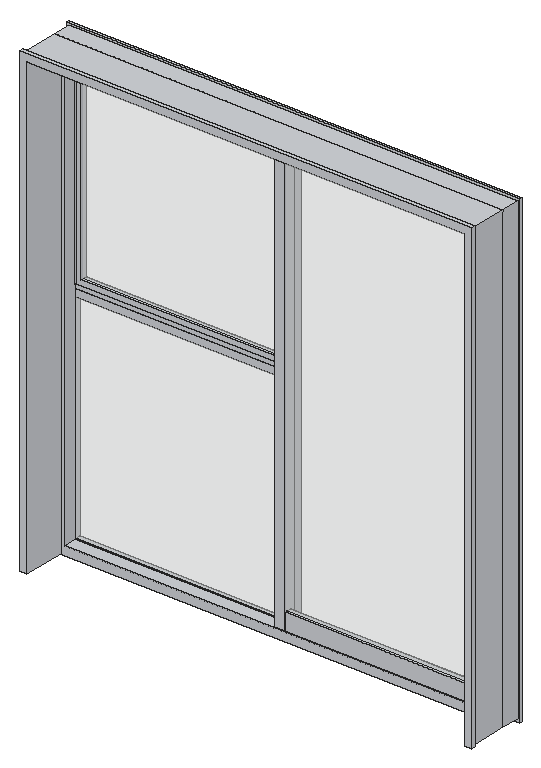
Revit family "APL Residential Thermal Heart Sliding Door SF with Sidelight", category Doors, host Wall, Revit 2017 (continued)
Definition of nested family "APL Residential Thermal Heart Sliding Door SF Vertical Section"
  Definition of nested family "Sill Two Panel"
    Definition of nested family "65470_Door Sill Rail"
      Lines and regions (mm)
        detail lines, in view "Ref. Level"
          curve 210: line (31.201, 96.611, 0) -> (31.201, 97.442, 0)
          curve 211: line (31.201, 97.442, 0) -> (31.439, 98.795, 0)
          curve 212: line (18.902, 75.585, 0) -> (18.902, 57.915, 0)
          curve 213: line (26.919, 54.1, 0) -> (31.08, 54.1, 0)
          curve 214: line (31.572, 54.514, 0) -> (32.193, 58.057, 0)
          curve 215: line (32.2, 58.143, 0) -> (32.2, 75.357, 0)
          curve 216: line (32.193, 75.443, 0) -> (31.572, 78.986, 0)
          curve 217: line (31.08, 79.4, 0) -> (26.919, 79.4, 0)
          curve 218: arc (26.919, 79.4, 0) -> (26.496, 79.167, 0) -> (26.468, 78.684, 0) r 0.5
          curve 219: arc (26.468, 78.684, 0) -> (26.799, 76.369, 0) -> (25.745, 74.28, 0) r 3.9
          curve 220: arc (25.745, 74.28, 0) -> (24.472, 74.263, 0) -> (24.455, 75.536, 0) r 0.9
          curve 221: arc (24.455, 75.536, 0) -> (25.05, 77, 0) -> (24.455, 78.465, 0) r 2.1
          curve 222: arc (24.455, 78.465, 0) -> (24.33, 78.627, 0) -> (24.244, 78.814, 0) r 0.9
          curve 223: arc (24.244, 78.814, 0) -> (24.147, 78.987, 0) -> (23.99, 79.108, 0) r 0.5
          curve 224: arc (23.99, 79.108, 0) -> (22.95, 79.35, 0) -> (21.91, 79.108, 0) r 2.35
          curve 225: arc (21.91, 79.108, 0) -> (21.753, 78.987, 0) -> (21.656, 78.814, 0) r 0.5
          curve 226: arc (21.656, 78.814, 0) -> (21.57, 78.627, 0) -> (21.445, 78.465, 0) r 0.9
          curve 227: arc (21.445, 78.465, 0) -> (20.85, 77, 0) -> (21.445, 75.536, 0) r 2.1
          curve 228: arc (21.445, 75.536, 0) -> (21.428, 74.263, 0) -> (20.155, 74.28, 0) r 0.9
          curve 229: arc (2.202, 58.1, 0) -> (2.319, 58.383, 0) -> (2.602, 58.5, 0) r 0.4
          curve 230: arc (2.895, 58.5, 0) -> (2.998, 58.486, 0) -> (3.095, 58.446, 0) r 0.4
          curve 231: arc (4.623, 57.561, 0) -> (4.913, 57.441, 0) -> (5.224, 57.4, 0) r 1.2
          curve 232: arc (6.147, 57.4, 0) -> (6.72, 57.219, 0) -> (7.086, 56.742, 0) r 1
          curve 233: arc (7.879, 54.563, 0) -> (8.026, 54.372, 0) -> (8.255, 54.3, 0) r 0.4
          curve 234: arc (10.949, 54.3, 0) -> (11.178, 54.372, 0) -> (11.325, 54.563, 0) r 0.4
          curve 235: arc (12.118, 56.742, 0) -> (12.484, 57.219, 0) -> (13.057, 57.4, 0) r 1
          curve 236: arc (13.98, 57.4, 0) -> (14.291, 57.441, 0) -> (14.581, 57.561, 0) r 1.2
          curve 237: arc (16.109, 58.446, 0) -> (16.206, 58.486, 0) -> (16.309, 58.5, 0) r 0.4
          curve 238: arc (16.602, 58.5, 0) -> (16.885, 58.383, 0) -> (17.002, 58.1, 0) r 0.4
          curve 239: arc (17.002, 54.7, 0) -> (16.885, 54.417, 0) -> (16.602, 54.3, 0) r 0.4
          curve 240: arc (16.309, 54.3, 0) -> (16.206, 54.314, 0) -> (16.109, 54.354, 0) r 0.4
          curve 241: arc (14.581, 55.238, 0) -> (14.287, 55.36, 0) -> (13.972, 55.4, 0) r 1.2
          curve 242: arc (13.972, 55.4, 0) -> (13.797, 55.347, 0) -> (13.686, 55.203, 0) r 0.3
          curve 243: arc (12.798, 52.763, 0) -> (12.651, 52.572, 0) -> (12.422, 52.5, 0) r 0.4
          curve 244: arc (6.782, 52.5, 0) -> (6.553, 52.572, 0) -> (6.406, 52.763, 0) r 0.4
          curve 245: arc (5.518, 55.203, 0) -> (5.407, 55.347, 0) -> (5.232, 55.4, 0) r 0.3
          curve 246: arc (5.232, 55.4, 0) -> (4.917, 55.36, 0) -> (4.623, 55.238, 0) r 1.2
          curve 247: arc (3.095, 54.354, 0) -> (2.998, 54.314, 0) -> (2.895, 54.3, 0) r 0.4
          curve 248: arc (2.602, 54.3, 0) -> (2.319, 54.417, 0) -> (2.202, 54.7, 0) r 0.4
          curve 249: line (2.602, 58.5, 0) -> (2.895, 58.5, 0)
          curve 250: line (3.095, 58.446, 0) -> (4.623, 57.561, 0)
          curve 251: line (5.224, 57.4, 0) -> (6.147, 57.4, 0)
          curve 252: line (7.086, 56.742, 0) -> (7.879, 54.563, 0)
          curve 253: line (8.255, 54.3, 0) -> (10.949, 54.3, 0)
          curve 254: line (11.325, 54.563, 0) -> (12.118, 56.742, 0)
          curve 255: line (13.057, 57.4, 0) -> (13.98, 57.4, 0)
          curve 256: line (14.581, 57.561, 0) -> (16.109, 58.446, 0)
          curve 257: line (16.309, 58.5, 0) -> (16.602, 58.5, 0)
          curve 258: line (17.002, 58.1, 0) -> (17.002, 54.7, 0)
          curve 259: line (16.602, 54.3, 0) -> (16.309, 54.3, 0)
          curve 260: line (16.109, 54.354, 0) -> (14.581, 55.238, 0)
          curve 261: line (13.686, 55.203, 0) -> (12.798, 52.763, 0)
          curve 262: line (12.422, 52.5, 0) -> (6.782, 52.5, 0)
          curve 263: line (6.406, 52.763, 0) -> (5.518, 55.203, 0)
          curve 264: line (4.623, 55.238, 0) -> (3.095, 54.354, 0)
          curve 265: line (2.895, 54.3, 0) -> (2.602, 54.3, 0)
          curve 266: line (2.202, 54.7, 0) -> (2.202, 58.1, 0)
          curve 267: arc (2.202, 75.4, 0) -> (2.319, 75.117, 0) -> (2.602, 75, 0) r 0.4
          curve 268: arc (2.895, 75, 0) -> (2.998, 75.014, 0) -> (3.095, 75.054, 0) r 0.4
          curve 269: arc (4.623, 75.939, 0) -> (4.913, 76.059, 0) -> (5.224, 76.1, 0) r 1.2
          curve 270: arc (6.147, 76.1, 0) -> (6.72, 76.281, 0) -> (7.086, 76.758, 0) r 1
          curve 271: arc (7.879, 78.937, 0) -> (8.026, 79.128, 0) -> (8.255, 79.2, 0) r 0.4
          curve 272: arc (10.949, 79.2, 0) -> (11.178, 79.128, 0) -> (11.325, 78.937, 0) r 0.4
          curve 273: arc (12.118, 76.758, 0) -> (12.484, 76.281, 0) -> (13.057, 76.1, 0) r 1
          curve 274: arc (13.98, 76.1, 0) -> (14.291, 76.059, 0) -> (14.581, 75.939, 0) r 1.2
          curve 275: arc (16.109, 75.054, 0) -> (16.206, 75.014, 0) -> (16.309, 75, 0) r 0.4
          curve 276: arc (16.602, 75, 0) -> (16.885, 75.117, 0) -> (17.002, 75.4, 0) r 0.4
          curve 277: arc (17.002, 78.8, 0) -> (16.885, 79.083, 0) -> (16.602, 79.2, 0) r 0.4
          curve 278: arc (16.309, 79.2, 0) -> (16.206, 79.187, 0) -> (16.109, 79.147, 0) r 0.4
          curve 279: arc (14.581, 78.262, 0) -> (14.287, 78.14, 0) -> (13.972, 78.1, 0) r 1.2
          curve 280: arc (13.972, 78.1, 0) -> (13.797, 78.153, 0) -> (13.686, 78.298, 0) r 0.3
          curve 281: arc (12.798, 80.737, 0) -> (12.651, 80.928, 0) -> (12.422, 81, 0) r 0.4
          curve 282: arc (6.782, 81, 0) -> (6.553, 80.928, 0) -> (6.406, 80.737, 0) r 0.4
          curve 283: arc (5.518, 78.298, 0) -> (5.407, 78.153, 0) -> (5.232, 78.1, 0) r 0.3
          curve 284: arc (5.232, 78.1, 0) -> (4.917, 78.14, 0) -> (4.623, 78.262, 0) r 1.2
          curve 285: arc (3.095, 79.147, 0) -> (2.998, 79.187, 0) -> (2.895, 79.2, 0) r 0.4
          curve 286: arc (2.602, 79.2, 0) -> (2.319, 79.083, 0) -> (2.202, 78.8, 0) r 0.4
          curve 287: line (2.602, 75, 0) -> (2.895, 75, 0)
          curve 288: line (3.095, 75.054, 0) -> (4.623, 75.939, 0)
          curve 289: line (5.224, 76.1, 0) -> (6.147, 76.1, 0)
          curve 290: line (7.086, 76.758, 0) -> (7.879, 78.937, 0)
          curve 291: line (8.255, 79.2, 0) -> (10.949, 79.2, 0)
          curve 292: line (11.325, 78.937, 0) -> (12.118, 76.758, 0)
          curve 293: line (13.057, 76.1, 0) -> (13.98, 76.1, 0)
          curve 294: line (14.581, 75.939, 0) -> (16.109, 75.054, 0)
          curve 295: line (16.309, 75, 0) -> (16.602, 75, 0)
          curve 296: line (17.002, 75.4, 0) -> (17.002, 78.8, 0)
          curve 297: line (16.602, 79.2, 0) -> (16.309, 79.2, 0)
          curve 298: line (16.109, 79.147, 0) -> (14.581, 78.262, 0)
          curve 299: line (13.686, 78.298, 0) -> (12.798, 80.737, 0)
          curve 300: line (12.422, 81, 0) -> (6.782, 81, 0)
          curve 301: line (6.406, 80.737, 0) -> (5.518, 78.298, 0)
          curve 302: line (4.623, 78.262, 0) -> (3.095, 79.147, 0)
          curve 303: line (2.895, 79.2, 0) -> (2.602, 79.2, 0)
          curve 304: line (2.202, 78.8, 0) -> (2.202, 75.4, 0)
      Text (mm)
        text "65470" at (43.128, 87.494, 0), in view "Ref. Level"
    Definition of nested family "65380_Frame Sill"
      Reference planes
        plane 1 "Center (Front/Back)": y = 0
        plane 2: z = 0
        plane 3 "Center (Left/Right)": x = 0
      Lines and regions (mm)
        detail lines, in view "Ref. Level"
          curve 1: line (64.2, 16.468, 0) -> (65.701, 16.468, 0)
          curve 2: line (64.2, 22.468, 0) -> (65.7, 22.468, 0)
          curve 3: line (27.5, 8.7, 0) -> (29.442, 8.7, 0)
          curve 4: line (27.5, 14.7, 0) -> (29.4, 14.7, 0)
          curve 5: line (13.3, 8.6, 0) -> (15.2, 8.6, 0)
          curve 6: line (13.3, 14.6, 0) -> (15.2, 14.6, 0)
          curve 7: arc (10.8, 6.498, 0) -> (11.356, 7.843, 0) -> (12.7, 8.4, 0) r 1.9
          curve 8: arc (13.1, 8.4, 0) -> (13.241, 8.459, 0) -> (13.3, 8.6, 0) r 0.2
          curve 9: arc (13.3, 15.4, 0) -> (13.241, 15.542, 0) -> (13.1, 15.6, 0) r 0.2
          curve 10: arc (11, 15.6, 0) -> (10.859, 15.659, 0) -> (10.8, 15.8, 0) r 0.2
          curve 11: arc (10.8, 16.283, 0) -> (10.741, 16.425, 0) -> (10.6, 16.483, 0) r 0.2
          curve 12: arc (1.9, 16.483, 0) -> (1.546, 16.337, 0) -> (1.4, 15.983, 0) r 0.5
          curve 13: arc (1.4, 2.245, 0) -> (1.521, 1.632, 0) -> (1.869, 1.111, 0) r 1.6
          curve 14: arc (6.387, -3.407, 0) -> (6.711, -3.624, 0) -> (7.094, -3.7, 0) r 1
          curve 15: arc (9.8, -3.7, 0) -> (10.507, -3.407, 0) -> (10.8, -2.7, 0) r 1
          curve 16: arc (1.665, 23.622, 0) -> (1.729, 23.522, 0) -> (1.725, 23.403, 0) r 0.2
          curve 17: arc (1.725, 23.403, 0) -> (1.621, 23.234, 0) -> (1.453, 23.127, 0) r 0.45
          curve 18: arc (1.453, 23.127, 0) -> (1.357, 23.053, 0) -> (1.322, 22.936, 0) r 0.2
          curve 19: arc (1.379, 18.081, 0) -> (1.438, 17.941, 0) -> (1.579, 17.883, 0) r 0.2
          curve 20: arc (10.6, 17.883, 0) -> (10.741, 17.942, 0) -> (10.8, 18.083, 0) r 0.2
          curve 21: arc (10.8, 22.172, 0) -> (10.773, 22.272, 0) -> (10.7, 22.346, 0) r 0.2
          curve 22: arc (9.6, 22.981, 0) -> (9.38, 23.2, 0) -> (9.3, 23.5, 0) r 0.6
          curve 23: arc (9.3, 23.8, 0) -> (9.359, 23.942, 0) -> (9.5, 24, 0) r 0.2
          curve 24: arc (13.617, 24, 0) -> (13.922, 23.801, 0) -> (14.195, 24.043, 0) r 0.3
          curve 25: arc (14.195, 24.043, 0) -> (14.261, 24.181, 0) -> (14.387, 24.269, 0) r 0.3
          curve 26: arc (15.797, 24.782, 0) -> (16.083, 24.738, 0) -> (16.199, 24.474, 0) r 0.3
          curve 27: arc (15.992, 22.109, 0) -> (15.965, 22.008, 0) -> (15.905, 21.923, 0) r 0.3
          curve 28: arc (15.541, 21.559, 0) -> (15.348, 21.507, 0) -> (15.207, 21.648, 0) r 0.2
          curve 29: arc (15.162, 21.816, 0) -> (15.11, 21.905, 0) -> (15.021, 21.957, 0) r 0.2
          curve 30: arc (12.8, 22.5, 0) -> (12.52, 22.307, 0) -> (12.6, 21.977, 0) r 0.3
          curve 31: arc (12.6, 21.977, 0) -> (12.674, 21.875, 0) -> (12.7, 21.753, 0) r 0.3
          curve 32: arc (12.506, 17.75, 0) -> (12.542, 17.578, 0) -> (12.7, 17.5, 0) r 0.2
          curve 33: arc (13.221, 17.5, 0) -> (13.302, 17.511, 0) -> (13.377, 17.544, 0) r 0.3
          curve 34: arc (14.631, 18.309, 0) -> (14.628, 18.479, 0) -> (14.734, 18.611, 0) r 0.25
          curve 35: arc (14.82, 18.664, 0) -> (15.072, 18.668, 0) -> (15.2, 18.45, 0) r 0.25
          curve 36: arc (15.2, 8.6, 0) -> (15.259, 8.459, 0) -> (15.4, 8.4, 0) r 0.2
          curve 37: arc (16.479, 8.4, 0) -> (16.643, 8.315, 0) -> (16.667, 8.132, 0) r 0.2
          curve 38: arc (15.775, 5.682, 0) -> (15.702, 5.586, 0) -> (15.587, 5.55, 0) r 0.2
          curve 39: arc (15.353, 5.55, 0) -> (15.248, 5.52, 0) -> (15.174, 5.439, 0) r 0.2
          curve 40: arc (15.174, 5.439, 0) -> (15.019, 5.31, 0) -> (14.82, 5.337, 0) r 0.25
          curve 41: arc (14.734, 5.389, 0) -> (14.628, 5.521, 0) -> (14.631, 5.691, 0) r 0.25
          curve 42: arc (13.377, 6.456, 0) -> (13.302, 6.489, 0) -> (13.221, 6.5, 0) r 0.3
          curve 43: arc (12.7, 6.5, 0) -> (12.542, 6.423, 0) -> (12.506, 6.25, 0) r 0.2
          curve 44: arc (12.7, 2.247, 0) -> (12.674, 2.125, 0) -> (12.6, 2.024, 0) r 0.3
          curve 45: arc (12.6, 2.024, 0) -> (12.52, 1.693, 0) -> (12.8, 1.5, 0) r 0.3
          curve 46: arc (15.021, 2.043, 0) -> (15.11, 2.095, 0) -> (15.162, 2.185, 0) r 0.2
          curve 47: arc (15.207, 2.352, 0) -> (15.348, 2.493, 0) -> (15.541, 2.442, 0) r 0.2
          curve 48: arc (15.905, 2.078, 0) -> (15.965, 1.993, 0) -> (15.992, 1.892, 0) r 0.3
          curve 49: arc (16.199, -0.474, 0) -> (16.083, -0.738, 0) -> (15.797, -0.782, 0) r 0.3
          curve 50: arc (14.387, -0.268, 0) -> (14.261, -0.181, 0) -> (14.195, -0.043, 0) r 0.3
          curve 51: arc (14.195, -0.043, 0) -> (13.922, 0.199, 0) -> (13.617, 0, 0) r 0.3
          curve 52: arc (12.6, 0, 0) -> (12.459, -0.058, 0) -> (12.4, -0.2, 0) r 0.2
          curve 53: arc (12.4, -2.696, 0) -> (11.64, -4.537, 0) -> (9.8, -5.3, 0) r 2.6
          curve 54: arc (7.9, -5.3, 0) -> (7.547, -5.446, 0) -> (7.4, -5.8, 0) r 0.5
          curve 55: arc (7.4, -13.402, 0) -> (7.508, -13.581, 0) -> (7.716, -13.566, 0) r 0.2
          curve 56: arc (7.716, -13.566, 0) -> (8.721, -13.692, 0) -> (8.684, -14.705, 0) r 0.75
          curve 57: arc (8.684, -14.705, 0) -> (8.15, -16.005, 0) -> (8.684, -17.305, 0) r 1.85
          curve 58: arc (8.684, -17.305, 0) -> (8.794, -17.447, 0) -> (8.867, -17.611, 0) r 0.75
          curve 59: arc (8.867, -17.611, 0) -> (8.97, -17.795, 0) -> (9.14, -17.921, 0) r 0.5
          curve 60: arc (9.14, -17.921, 0) -> (10, -18.105, 0) -> (10.86, -17.921, 0) r 2.1
          curve 61: arc (10.86, -17.921, 0) -> (11.03, -17.795, 0) -> (11.133, -17.611, 0) r 0.5
          curve 62: arc (11.133, -17.611, 0) -> (11.206, -17.447, 0) -> (11.316, -17.305, 0) r 0.75
          curve 63: arc (11.316, -17.305, 0) -> (11.85, -16.005, 0) -> (11.316, -14.705, 0) r 1.85
          curve 64: arc (11.316, -14.705, 0) -> (11.323, -13.644, 0) -> (12.384, -13.651, 0) r 0.75
          curve 65: arc (12.384, -13.651, 0) -> (13.348, -15.881, 0) -> (12.551, -18.176, 0) r 3.35
          curve 66: arc (12.551, -18.176, 0) -> (12.478, -18.71, 0) -> (12.932, -19, 0) r 0.5
          curve 67: arc (13.15, -19, 0) -> (13.291, -19.058, 0) -> (13.35, -19.2, 0) r 0.2
          curve 68: arc (13.35, -19.5, 0) -> (13.204, -19.853, 0) -> (12.85, -20, 0) r 0.5
          curve 69: arc (7, -20, 0) -> (6.293, -19.707, 0) -> (6, -19, 0) r 1
          curve 70: arc (6, -6.242, 0) -> (5.772, -5.094, 0) -> (5.121, -4.121, 0) r 3
          curve 71: arc (0.879, 0.122, 0) -> (0.228, 1.095, 0) -> (0, 2.243, 0) r 3
          curve 72: arc (0, 23.8, 0) -> (0.059, 23.942, 0) -> (0.2, 24, 0) r 0.2
          curve 73: line (10.8, -2.7, 0) -> (10.8, 6.498, 0)
          curve 74: line (12.7, 8.4, 0) -> (13.1, 8.4, 0)
          curve 75: line (13.1, 15.6, 0) -> (11, 15.6, 0)
          curve 76: line (10.8, 15.8, 0) -> (10.8, 16.283, 0)
          curve 77: line (10.6, 16.483, 0) -> (1.9, 16.483, 0)
          curve 78: line (1.4, 15.983, 0) -> (1.4, 2.245, 0)
          curve 79: line (1.869, 1.111, 0) -> (6.387, -3.407, 0)
          curve 80: line (7.094, -3.7, 0) -> (9.8, -3.7, 0)
          curve 81: line (1.322, 22.936, 0) -> (1.379, 18.081, 0)
          curve 82: line (1.579, 17.883, 0) -> (10.6, 17.883, 0)
          curve 83: line (10.8, 18.083, 0) -> (10.8, 22.172, 0)
          curve 84: line (10.7, 22.346, 0) -> (9.6, 22.981, 0)
          curve 85: line (9.3, 23.5, 0) -> (9.3, 23.8, 0)
          curve 86: line (9.5, 24, 0) -> (13.617, 24, 0)
          curve 87: line (14.387, 24.269, 0) -> (15.797, 24.782, 0)
          curve 88: line (16.199, 24.474, 0) -> (15.992, 22.109, 0)
          curve 89: line (15.905, 21.923, 0) -> (15.541, 21.559, 0)
          curve 90: line (15.207, 21.648, 0) -> (15.162, 21.816, 0)
          curve 91: line (15.021, 21.957, 0) -> (13.032, 22.49, 0)
          curve 92: line (12.7, 21.753, 0) -> (12.7, 18.526, 0)
          curve 93: line (12.7, 18.5, 0) -> (12.506, 17.75, 0)
          curve 94: line (12.7, 17.5, 0) -> (13.221, 17.5, 0)
          curve 95: line (13.377, 17.544, 0) -> (14.631, 18.309, 0)
          curve 96: line (15.2, 18.45, 0) -> (15.2, 16.875, 0)
          curve 97: line (15.2, 16.875, 0) -> (15.2, 8.6, 0)
          curve 98: line (15.2, 8.6, 0) -> (13.3, 8.6, 0)
          curve 99: line (13.3, 8.6, 0) -> (13.3, 15.4, 0)
          curve 100: line (15.4, 8.4, 0) -> (16.479, 8.4, 0)
          curve 101: line (16.667, 8.132, 0) -> (15.775, 5.682, 0)
          curve 102: line (15.587, 5.55, 0) -> (15.353, 5.55, 0)
          curve 103: line (14.631, 5.691, 0) -> (13.377, 6.456, 0)
          curve 104: line (13.221, 6.5, 0) -> (12.7, 6.5, 0)
          curve 105: line (12.506, 6.25, 0) -> (12.7, 5.5, 0)
          curve 106: line (12.7, 5.475, 0) -> (12.7, 2.247, 0)
          curve 107: line (13.032, 1.51, 0) -> (15.021, 2.043, 0)
          curve 108: line (15.162, 2.185, 0) -> (15.207, 2.352, 0)
          curve 109: line (15.541, 2.442, 0) -> (15.905, 2.078, 0)
          curve 110: line (15.992, 1.892, 0) -> (16.199, -0.474, 0)
          curve 111: line (15.797, -0.782, 0) -> (14.387, -0.268, 0)
          curve 112: line (13.617, 0, 0) -> (12.6, 0, 0)
          curve 113: line (12.4, -0.2, 0) -> (12.4, -2.696, 0)
          curve 114: line (9.8, -5.3, 0) -> (7.9, -5.3, 0)
          curve 115: line (7.4, -5.8, 0) -> (7.4, -13.402, 0)
          curve 116: line (12.932, -19, 0) -> (13.15, -19, 0)
          curve 117: line (13.35, -19.2, 0) -> (13.35, -19.5, 0)
          curve 118: line (12.85, -20, 0) -> (7, -20, 0)
          curve 119: line (6, -19, 0) -> (6, -6.242, 0)
          curve 120: line (5.121, -4.121, 0) -> (0.879, 0.122, 0)
          curve 121: line (0, 2.243, 0) -> (0, 23.8, 0)
          curve 122: line (0.2, 24, 0) -> (1.141, 24, 0)
          curve 123: line (1.269, 23.953, 0) -> (1.665, 23.622, 0)
          curve 124: line (13.3, 14.6, 0) -> (15.2, 14.6, 0)
          curve 125: arc (64.2, 16.468, 0) -> (64.076, 16.138, 0) -> (63.765, 15.972, 0) r 0.5
          curve 126: arc (63.765, 15.972, 0) -> (62.349, 15.442, 0) -> (61.309, 14.343, 0) r 3.35
          curve 127: arc (61.309, 14.343, 0) -> (61.577, 13.317, 0) -> (62.604, 13.585, 0) r 0.75
          curve 128: arc (62.604, 13.585, 0) -> (63.721, 14.437, 0) -> (65.115, 14.258, 0) r 1.85
          curve 129: arc (65.115, 14.258, 0) -> (65.281, 14.189, 0) -> (65.459, 14.161, 0) r 0.75
          curve 130: arc (65.459, 14.161, 0) -> (65.663, 14.108, 0) -> (65.828, 13.977, 0) r 0.5
          curve 131: arc (65.828, 13.977, 0) -> (66.3, 12.65, 0) -> (65.828, 11.324, 0) r 2.1
          curve 132: arc (65.828, 11.324, 0) -> (65.663, 11.192, 0) -> (65.459, 11.14, 0) r 0.5
          curve 133: arc (65.459, 11.14, 0) -> (65.281, 11.112, 0) -> (65.115, 11.042, 0) r 0.75
          curve 134: arc (65.115, 11.042, 0) -> (64.2, 10.8, 0) -> (63.285, 11.042, 0) r 1.85
          curve 135: arc (63.285, 11.042, 0) -> (62.738, 11.119, 0) -> (62.286, 10.8, 0) r 0.75
          curve 136: arc (39.189, 9.622, 0) -> (38.199, 9.316, 0) -> (37.363, 8.704, 0) r 3.126
          curve 137: arc (37.363, 8.704, 0) -> (37.013, 8.479, 0) -> (36.605, 8.4, 0) r 1.1
          curve 138: arc (29.901, 8.4, 0) -> (29.547, 8.546, 0) -> (29.4, 8.9, 0) r 0.5
          curve 139: arc (29.4, 22, 0) -> (29.546, 22.354, 0) -> (29.9, 22.5, 0) r 0.5
          curve 140: arc (44.4, 22.5, 0) -> (45.602, 22.998, 0) -> (46.1, 24.2, 0) r 1.7
          curve 141: arc (46.147, 35.534, 0) -> (46.409, 35.986, 0) -> (46.5, 36.5, 0) r 1.5
          curve 142: arc (46.5, 41.1, 0) -> (46.646, 41.454, 0) -> (47, 41.6, 0) r 0.5
          curve 143: arc (65.699, 41.6, 0) -> (66.053, 41.454, 0) -> (66.2, 41.1, 0) r 0.5
          curve 144: arc (66.2, 32, 0) -> (65.978, 30.526, 0) -> (65.33, 29.183, 0) r 5
          curve 145: arc (65.33, 29.183, 0) -> (64.489, 27.436, 0) -> (64.2, 25.519, 0) r 6.5
          curve 146: arc (27.317, 8.501, 0) -> (27.447, 8.565, 0) -> (27.5, 8.7, 0) r 0.2
          curve 147: arc (23.754, 8.189, 0) -> (23.602, 8.097, 0) -> (23.583, 7.922, 0) r 0.2
          curve 148: arc (24.399, 5.679, 0) -> (24.668, 5.392, 0) -> (25.06, 5.388, 0) r 0.5
          curve 149: arc (25.06, 5.388, 0) -> (25.211, 5.303, 0) -> (25.38, 5.337, 0) r 0.25
          curve 150: arc (25.466, 5.389, 0) -> (25.572, 5.521, 0) -> (25.569, 5.691, 0) r 0.25
          curve 151: arc (26.823, 6.456, 0) -> (26.898, 6.489, 0) -> (26.979, 6.5, 0) r 0.3
          curve 152: arc (27.5, 6.5, 0) -> (27.658, 6.423, 0) -> (27.694, 6.25, 0) r 0.2
          curve 153: arc (27.5, 2.247, 0) -> (27.526, 2.125, 0) -> (27.6, 2.024, 0) r 0.3
          curve 154: arc (27.6, 2.024, 0) -> (27.68, 1.693, 0) -> (27.4, 1.5, 0) r 0.3
          curve 155: arc (25.179, 2.043, 0) -> (25.09, 2.095, 0) -> (25.038, 2.185, 0) r 0.2
          curve 156: arc (24.993, 2.352, 0) -> (24.852, 2.493, 0) -> (24.659, 2.442, 0) r 0.2
          curve 157: arc (24.295, 2.078, 0) -> (24.235, 1.993, 0) -> (24.208, 1.892, 0) r 0.3
          curve 158: arc (24.001, -0.474, 0) -> (24.117, -0.738, 0) -> (24.403, -0.782, 0) r 0.3
          curve 159: arc (25.813, -0.268, 0) -> (25.939, -0.181, 0) -> (26.005, -0.043, 0) r 0.3
          curve 160: arc (26.005, -0.043, 0) -> (26.278, 0.199, 0) -> (26.583, 0, 0) r 0.3
          curve 161: arc (28.9, 0, 0) -> (29.254, 0.147, 0) -> (29.4, 0.5, 0) r 0.5
          curve 162: arc (29.4, 6.1, 0) -> (29.546, 6.454, 0) -> (29.9, 6.6, 0) r 0.499
          curve 163: arc (37.767, 6.6, 0) -> (38.931, 6.835, 0) -> (39.913, 7.503, 0) r 2.996
          curve 164: arc (39.913, 7.503, 0) -> (40.232, 7.731, 0) -> (40.611, 7.831, 0) r 1.1
          curve 165: arc (68.1, 8.9, 0) -> (68.241, 8.842, 0) -> (68.3, 8.7, 0) r 0.2
          curve 166: arc (68.3, 0.5, 0) -> (68.446, 0.147, 0) -> (68.8, 0, 0) r 0.5
          curve 167: arc (71.117, 0, 0) -> (71.422, 0.199, 0) -> (71.695, -0.043, 0) r 0.3
          curve 168: arc (71.695, -0.043, 0) -> (71.761, -0.181, 0) -> (71.887, -0.268, 0) r 0.3
          curve 169: arc (73.297, -0.782, 0) -> (73.583, -0.738, 0) -> (73.699, -0.474, 0) r 0.3
          curve 170: arc (73.492, 1.892, 0) -> (73.465, 1.993, 0) -> (73.405, 2.078, 0) r 0.3
          curve 171: arc (73.041, 2.442, 0) -> (72.848, 2.493, 0) -> (72.707, 2.352, 0) r 0.2
          curve 172: arc (72.662, 2.185, 0) -> (72.61, 2.095, 0) -> (72.521, 2.043, 0) r 0.2
          curve 173: arc (70.3, 1.5, 0) -> (70.02, 1.693, 0) -> (70.1, 2.024, 0) r 0.3
          curve 174: arc (70.1, 2.024, 0) -> (70.174, 2.125, 0) -> (70.2, 2.247, 0) r 0.3
          curve 175: arc (70.006, 6.25, 0) -> (70.042, 6.423, 0) -> (70.2, 6.5, 0) r 0.2
          curve 176: arc (70.721, 6.5, 0) -> (70.802, 6.489, 0) -> (70.877, 6.456, 0) r 0.3
          curve 177: arc (72.131, 5.691, 0) -> (72.128, 5.521, 0) -> (72.234, 5.389, 0) r 0.25
          curve 178: arc (72.32, 5.337, 0) -> (72.572, 5.332, 0) -> (72.7, 5.55, 0) r 0.25
          curve 179: arc (72.7, 7.124, 0) -> (72.618, 7.522, 0) -> (72.385, 7.854, 0) r 1
          curve 180: arc (72.385, 7.854, 0) -> (72.322, 8, 0) -> (72.385, 8.146, 0) r 0.2
          curve 181: arc (72.385, 8.146, 0) -> (72.618, 8.478, 0) -> (72.7, 8.875, 0) r 1
          curve 182: arc (72.7, 10.449, 0) -> (72.573, 10.668, 0) -> (72.32, 10.664, 0) r 0.25
          curve 183: arc (72.234, 10.612, 0) -> (72.128, 10.479, 0) -> (72.131, 10.309, 0) r 0.25
          curve 184: arc (70.877, 9.544, 0) -> (70.802, 9.511, 0) -> (70.721, 9.5, 0) r 0.3
          curve 185: arc (70.2, 9.5, 0) -> (70.042, 9.578, 0) -> (70.006, 9.75, 0) r 0.2
          curve 186: arc (70.2, 13.754, 0) -> (70.174, 13.876, 0) -> (70.1, 13.977, 0) r 0.3
          curve 187: arc (70.1, 13.977, 0) -> (70.02, 14.307, 0) -> (70.3, 14.5, 0) r 0.3
          curve 188: arc (72.521, 13.957, 0) -> (72.61, 13.905, 0) -> (72.662, 13.816, 0) r 0.2
          curve 189: arc (72.707, 13.648, 0) -> (72.848, 13.507, 0) -> (73.041, 13.559, 0) r 0.2
          curve 190: arc (73.405, 13.923, 0) -> (73.465, 14.008, 0) -> (73.492, 14.109, 0) r 0.3
          curve 191: arc (73.699, 16.474, 0) -> (73.583, 16.738, 0) -> (73.297, 16.782, 0) r 0.3
          curve 192: arc (71.887, 16.269, 0) -> (71.761, 16.181, 0) -> (71.695, 16.043, 0) r 0.3
          curve 193: arc (71.695, 16.043, 0) -> (71.422, 15.801, 0) -> (71.117, 16, 0) r 0.3
          curve 194: arc (66.201, 16, 0) -> (65.847, 16.146, 0) -> (65.7, 16.5, 0) r 0.5
          curve 195: arc (65.7, 25.519, 0) -> (65.922, 26.994, 0) -> (66.57, 28.337, 0) r 5
          curve 196: arc (66.57, 28.337, 0) -> (67.411, 30.083, 0) -> (67.7, 32, 0) r 6.5
          curve 197: arc (67.7, 33.1, 0) -> (67.759, 33.242, 0) -> (67.9, 33.3, 0) r 0.2
          curve 198: arc (69.3, 33.3, 0) -> (69.441, 33.242, 0) -> (69.5, 33.1, 0) r 0.2
          curve 199: arc (69.5, 32.8, 0) -> (70, 32.299, 0) -> (70.5, 32.8, 0) r 0.5
          curve 200: arc (70.5, 35.351, 0) -> (69.999, 35.85, 0) -> (69.5, 35.35, 0) r 0.5
          curve 201: arc (69.5, 34.5, 0) -> (69.441, 34.359, 0) -> (69.3, 34.3, 0) r 0.2
          curve 202: arc (67.9, 34.3, 0) -> (67.759, 34.359, 0) -> (67.7, 34.5, 0) r 0.2
          curve 203: arc (67.7, 41.8, 0) -> (67.759, 41.942, 0) -> (67.9, 42, 0) r 0.2
          curve 204: arc (69.3, 42, 0) -> (69.441, 41.942, 0) -> (69.5, 41.8, 0) r 0.2
          curve 205: arc (69.5, 40.95, 0) -> (70, 40.449, 0) -> (70.5, 40.95, 0) r 0.5
          curve 206: arc (70.5, 42.499, 0) -> (70.354, 42.853, 0) -> (70, 43, 0) r 0.5
          curve 207: arc (42.7, 43, 0) -> (42.559, 42.942, 0) -> (42.5, 42.8, 0) r 0.2
          curve 208: arc (42.5, 41.25, 0) -> (43, 40.75, 0) -> (43.5, 41.25, 0) r 0.5
          curve 209: arc (43.5, 41.8, 0) -> (43.559, 41.942, 0) -> (43.7, 42, 0) r 0.2
          curve 210: arc (44.8, 42, 0) -> (44.941, 41.942, 0) -> (45, 41.8, 0) r 0.2
          curve 211: arc (45, 36.7, 0) -> (44.941, 36.559, 0) -> (44.8, 36.5, 0) r 0.2
          curve 212: arc (43.7, 36.5, 0) -> (43.559, 36.559, 0) -> (43.5, 36.7, 0) r 0.2
          curve 213: arc (43.5, 37.25, 0) -> (43, 37.749, 0) -> (42.5, 37.25, 0) r 0.5
          curve 214: arc (42.5, 36.5, 0) -> (42.793, 35.793, 0) -> (43.5, 35.5, 0) r 1
          curve 215: arc (44.395, 35.5, 0) -> (44.539, 35.443, 0) -> (44.6, 35.3, 0) r 0.202
          curve 216: arc (44.6, 24.2, 0) -> (44.538, 24.058, 0) -> (44.395, 24, 0) r 0.205
          curve 217: arc (26.583, 24, 0) -> (26.278, 23.801, 0) -> (26.005, 24.043, 0) r 0.3
          curve 218: arc (26.005, 24.043, 0) -> (25.939, 24.181, 0) -> (25.813, 24.269, 0) r 0.3
          curve 219: arc (24.403, 24.782, 0) -> (24.117, 24.738, 0) -> (24.001, 24.474, 0) r 0.3
          curve 220: arc (24.208, 22.109, 0) -> (24.235, 22.008, 0) -> (24.295, 21.923, 0) r 0.3
          curve 221: arc (24.659, 21.559, 0) -> (24.852, 21.507, 0) -> (24.993, 21.648, 0) r 0.2
          curve 222: arc (25.038, 21.816, 0) -> (25.09, 21.905, 0) -> (25.179, 21.957, 0) r 0.2
          curve 223: arc (27.4, 22.5, 0) -> (27.68, 22.307, 0) -> (27.6, 21.977, 0) r 0.3
          curve 224: arc (27.6, 21.977, 0) -> (27.526, 21.875, 0) -> (27.5, 21.753, 0) r 0.3
          curve 225: arc (27.694, 17.75, 0) -> (27.658, 17.578, 0) -> (27.5, 17.5, 0) r 0.2
          curve 226: arc (26.979, 17.5, 0) -> (26.898, 17.511, 0) -> (26.823, 17.544, 0) r 0.3
          curve 227: arc (25.569, 18.309, 0) -> (25.572, 18.479, 0) -> (25.466, 18.612, 0) r 0.25
          curve 228: arc (25.38, 18.664, 0) -> (25.128, 18.668, 0) -> (25, 18.45, 0) r 0.25
          curve 229: arc (25, 16.875, 0) -> (25.128, 16.385, 0) -> (25.479, 16.021, 0) r 1
          curve 230: line (64.2, 22.468, 0) -> (65.7, 22.468, 0)
          curve 231: line (62.286, 10.8, 0) -> (53.629, 10.8, 0)
          curve 232: line (53.629, 10.8, 0) -> (39.189, 9.622, 0)
          curve 233: line (36.605, 8.4, 0) -> (29.901, 8.4, 0)
          curve 234: line (29.4, 8.9, 0) -> (29.4, 22, 0)
          curve 235: line (29.9, 22.5, 0) -> (44.4, 22.5, 0)
          curve 236: line (46.1, 24.2, 0) -> (46.1, 35.405, 0)
          curve 237: line (46.5, 36.5, 0) -> (46.5, 41.1, 0)
          curve 238: line (47, 41.6, 0) -> (65.699, 41.6, 0)
          curve 239: line (66.2, 41.1, 0) -> (66.2, 32, 0)
          curve 240: line (64.2, 25.519, 0) -> (64.2, 16.468, 0)
          curve 241: line (64.2, 16.468, 0) -> (65.701, 16.468, 0)
          curve 242: line (27.5, 14.7, 0) -> (29.4, 14.7, 0)
          curve 243: line (27.317, 8.501, 0) -> (23.754, 8.189, 0)
          curve 244: line (23.583, 7.922, 0) -> (24.399, 5.679, 0)
          curve 245: line (25.569, 5.691, 0) -> (26.823, 6.456, 0)
          curve 246: line (26.979, 6.5, 0) -> (27.5, 6.5, 0)
          curve 247: line (27.694, 6.25, 0) -> (27.5, 5.5, 0)
          curve 248: line (27.5, 5.475, 0) -> (27.5, 2.247, 0)
          curve 249: line (27.168, 1.51, 0) -> (25.179, 2.043, 0)
          curve 250: line (25.038, 2.185, 0) -> (24.993, 2.352, 0)
          curve 251: line (24.659, 2.442, 0) -> (24.295, 2.078, 0)
          curve 252: line (24.208, 1.892, 0) -> (24.001, -0.474, 0)
          curve 253: line (24.403, -0.782, 0) -> (25.813, -0.268, 0)
          curve 254: line (26.583, 0, 0) -> (28.9, 0, 0)
          curve 255: line (29.4, 0.5, 0) -> (29.4, 6.1, 0)
          curve 256: line (29.9, 6.6, 0) -> (33.5, 6.6, 0)
          curve 257: line (33.5, 6.6, 0) -> (33.9, 7, 0)
          curve 258: line (33.9, 7, 0) -> (34.3, 6.6, 0)
          curve 259: line (34.3, 6.6, 0) -> (37.767, 6.6, 0)
          curve 260: line (40.611, 7.831, 0) -> (53.707, 8.9, 0)
          curve 261: line (53.707, 8.9, 0) -> (58.307, 8.9, 0)
          curve 262: line (58.307, 8.9, 0) -> (58.707, 9.3, 0)
          curve 263: line (58.707, 9.3, 0) -> (59.107, 8.9, 0)
          curve 264: line (59.107, 8.9, 0) -> (68.1, 8.9, 0)
          curve 265: line (68.3, 8.7, 0) -> (68.3, 0.5, 0)
          curve 266: line (68.8, 0, 0) -> (71.117, 0, 0)
          curve 267: line (71.887, -0.268, 0) -> (73.297, -0.782, 0)
          curve 268: line (73.699, -0.474, 0) -> (73.492, 1.892, 0)
          curve 269: line (73.405, 2.078, 0) -> (73.041, 2.442, 0)
          curve 270: line (72.707, 2.352, 0) -> (72.662, 2.185, 0)
          curve 271: line (72.521, 2.043, 0) -> (70.532, 1.51, 0)
          curve 272: line (70.2, 2.247, 0) -> (70.2, 5.475, 0)
          curve 273: line (70.2, 5.5, 0) -> (70.006, 6.25, 0)
          curve 274: line (70.2, 6.5, 0) -> (70.721, 6.5, 0)
          curve 275: line (70.877, 6.456, 0) -> (72.131, 5.691, 0)
          curve 276: line (72.7, 5.55, 0) -> (72.7, 7.124, 0)
          curve 277: line (72.7, 8.875, 0) -> (72.7, 10.449, 0)
          curve 278: line (72.131, 10.309, 0) -> (70.877, 9.544, 0)
          curve 279: line (70.721, 9.5, 0) -> (70.2, 9.5, 0)
          curve 280: line (70.006, 9.75, 0) -> (70.2, 10.5, 0)
          curve 281: line (70.2, 10.526, 0) -> (70.2, 13.753, 0)
          curve 282: line (70.532, 14.49, 0) -> (72.521, 13.957, 0)
          curve 283: line (72.662, 13.816, 0) -> (72.707, 13.648, 0)
          curve 284: line (73.041, 13.559, 0) -> (73.405, 13.923, 0)
          curve 285: line (73.492, 14.109, 0) -> (73.699, 16.474, 0)
          curve 286: line (73.297, 16.782, 0) -> (71.887, 16.269, 0)
          curve 287: line (71.117, 16, 0) -> (66.201, 16, 0)
          curve 288: line (65.7, 16.5, 0) -> (65.7, 25.519, 0)
          curve 289: line (67.7, 32, 0) -> (67.7, 33.1, 0)
          curve 290: line (67.9, 33.3, 0) -> (69.3, 33.3, 0)
          curve 291: line (69.5, 33.1, 0) -> (69.5, 32.8, 0)
          curve 292: line (70.5, 32.8, 0) -> (70.5, 35.351, 0)
          curve 293: line (69.5, 35.35, 0) -> (69.5, 34.5, 0)
          curve 294: line (69.3, 34.3, 0) -> (67.9, 34.3, 0)
          curve 295: line (67.7, 34.5, 0) -> (67.7, 41.8, 0)
          curve 296: line (67.9, 42, 0) -> (69.3, 42, 0)
          curve 297: line (69.5, 41.8, 0) -> (69.5, 40.95, 0)
          curve 298: line (70.5, 40.95, 0) -> (70.5, 42.499, 0)
          curve 299: line (70, 43, 0) -> (42.7, 43, 0)
          curve 300: line (42.5, 42.8, 0) -> (42.5, 41.25, 0)
          curve 301: line (43.5, 41.25, 0) -> (43.5, 41.8, 0)
          curve 302: line (43.7, 42, 0) -> (44.8, 42, 0)
          curve 303: line (45, 41.8, 0) -> (45, 36.7, 0)
          curve 304: line (44.8, 36.5, 0) -> (43.7, 36.5, 0)
          curve 305: line (43.5, 36.7, 0) -> (43.5, 37.25, 0)
          curve 306: line (42.5, 37.25, 0) -> (42.5, 36.5, 0)
          curve 307: line (43.5, 35.5, 0) -> (44.395, 35.5, 0)
          curve 308: line (44.6, 35.3, 0) -> (44.6, 24.2, 0)
          curve 309: line (44.395, 24, 0) -> (34.3, 24, 0)
          curve 310: line (34.3, 24, 0) -> (33.9, 23.6, 0)
          curve 311: line (33.9, 23.6, 0) -> (33.5, 24, 0)
          curve 312: line (33.5, 24, 0) -> (26.583, 24, 0)
          curve 313: line (25.813, 24.269, 0) -> (24.403, 24.782, 0)
          curve 314: line (24.001, 24.474, 0) -> (24.208, 22.109, 0)
          curve 315: line (24.295, 21.923, 0) -> (24.659, 21.559, 0)
          curve 316: line (24.993, 21.648, 0) -> (25.038, 21.816, 0)
          curve 317: line (25.179, 21.957, 0) -> (27.168, 22.49, 0)
          curve 318: line (27.5, 21.753, 0) -> (27.5, 18.526, 0)
          curve 319: line (27.5, 18.5, 0) -> (27.694, 17.75, 0)
          curve 320: line (27.5, 17.5, 0) -> (26.979, 17.5, 0)
          curve 321: line (26.823, 17.544, 0) -> (25.569, 18.309, 0)
          curve 322: line (25, 18.45, 0) -> (25, 16.875, 0)
          curve 323: line (25.479, 16.021, 0) -> (26.284, 15.53, 0)
          curve 324: line (26.389, 15.5, 0) -> (27.5, 15.5, 0)
          curve 325: line (27.5, 15.5, 0) -> (27.5, 8.7, 0)
          curve 326: line (27.5, 8.7, 0) -> (29.442, 8.7, 0)
          curve 327: arc (113.4, 35.877, 0) -> (113.327, 35.95, 0) -> (113.3, 36.05, 0) r 0.2
          curve 328: arc (113.3, 40.25, 0) -> (113.327, 40.35, 0) -> (113.4, 40.423, 0) r 0.2
          curve 329: arc (113.4, 40.423, 0) -> (113.473, 40.497, 0) -> (113.5, 40.597, 0) r 0.2
          curve 330: arc (113.5, 41.8, 0) -> (113.441, 41.942, 0) -> (113.3, 42, 0) r 0.2
          curve 331: arc (111.701, 42, 0) -> (111.559, 41.942, 0) -> (111.5, 41.8, 0) r 0.2
          curve 332: arc (111.5, 40.95, 0) -> (111, 40.451, 0) -> (110.5, 40.95, 0) r 0.5
          curve 333: arc (110.5, 42.5, 0) -> (110.646, 42.854, 0) -> (111, 43, 0) r 0.499
          curve 334: arc (114.5, 43, 0) -> (114.847, 42.848, 0) -> (115, 42.5, 0) r 0.523
          curve 335: arc (115, 21.5, 0) -> (114.856, 21.145, 0) -> (114.5, 21, 0) r 0.493
          curve 336: arc (111.7, 21, 0) -> (111.558, 20.942, 0) -> (111.5, 20.8, 0) r 0.199
          curve 337: arc (111.5, 13.2, 0) -> (110.852, 11.56, 0) -> (109.258, 10.805, 0) r 2.399
          curve 338: arc (109.258, 10.805, 0) -> (108.878, 10.589, 0) -> (108.814, 10.156, 0) r 0.5
          curve 339: arc (108.814, 10.156, 0) -> (109, 8.953, 0) -> (108.816, 7.75, 0) r 4
          curve 340: arc (108.816, 7.75, 0) -> (108.89, 7.304, 0) -> (109.293, 7.1, 0) r 0.5
          curve 341: arc (109.5, 7.1, 0) -> (110.914, 6.514, 0) -> (111.5, 5.1, 0) r 2.001
          curve 342: arc (120.75, 1.5, 0) -> (121.501, 0.747, 0) -> (120.745, 0, 0) r 0.75
          curve 343: arc (111.5, 0, 0) -> (110.439, 0.44, 0) -> (110, 1.5, 0) r 1.5
          curve 344: arc (110, 5, 0) -> (109.941, 5.142, 0) -> (109.8, 5.2, 0) r 0.2
          curve 345: arc (100.5, 5.2, 0) -> (100.146, 5.347, 0) -> (100, 5.7, 0) r 0.5
          curve 346: arc (100, 6.2, 0) -> (100.146, 6.554, 0) -> (100.5, 6.7, 0) r 0.5
          curve 347: arc (101.927, 6.7, 0) -> (102.266, 6.833, 0) -> (102.426, 7.16, 0) r 0.5
          curve 348: arc (102.426, 7.16, 0) -> (102.912, 7.803, 0) -> (103.7, 7.634, 0) r 0.75
          curve 349: arc (103.7, 7.634, 0) -> (105, 7.1, 0) -> (106.3, 7.634, 0) r 1.85
          curve 350: arc (106.3, 7.634, 0) -> (106.442, 7.744, 0) -> (106.607, 7.817, 0) r 0.75
          curve 351: arc (106.607, 7.817, 0) -> (106.791, 7.92, 0) -> (106.916, 8.09, 0) r 0.5
          curve 352: arc (106.916, 8.09, 0) -> (107.1, 8.95, 0) -> (106.916, 9.81, 0) r 2.1
          curve 353: arc (106.916, 9.81, 0) -> (106.791, 9.98, 0) -> (106.607, 10.083, 0) r 0.5
          curve 354: arc (106.607, 10.083, 0) -> (106.442, 10.156, 0) -> (106.3, 10.267, 0) r 0.75
          curve 355: arc (106.3, 10.267, 0) -> (105, 10.8, 0) -> (103.7, 10.267, 0) r 1.85
          curve 356: arc (103.7, 10.267, 0) -> (103.027, 10.065, 0) -> (102.482, 10.509, 0) r 0.75
          curve 357: arc (102.482, 10.509, 0) -> (102.32, 10.716, 0) -> (102.075, 10.812, 0) r 0.5
          curve 358: arc (102.075, 10.812, 0) -> (101.154, 11.141, 0) -> (100.481, 11.85, 0) r 2.1
          curve 359: arc (100.481, 11.85, 0) -> (100.298, 12.033, 0) -> (100.048, 12.1, 0) r 0.5
          curve 360: arc (91.556, 12.1, 0) -> (91.287, 12.022, 0) -> (91.103, 11.812, 0) r 0.5
          curve 361: arc (91.103, 11.812, 0) -> (90.328, 10.929, 0) -> (89.2, 10.6, 0) r 2.1
          curve 362: arc (87.9, 10.6, 0) -> (87.193, 10.307, 0) -> (86.9, 9.6, 0) r 1
          curve 363: arc (86.9, 0.5, 0) -> (86.754, 0.147, 0) -> (86.4, 0, 0) r 0.5
          curve 364: arc (84.083, 0, 0) -> (83.778, 0.199, 0) -> (83.505, -0.043, 0) r 0.3
          curve 365: arc (83.505, -0.043, 0) -> (83.439, -0.181, 0) -> (83.313, -0.268, 0) r 0.3
          curve 366: arc (81.903, -0.782, 0) -> (81.617, -0.738, 0) -> (81.501, -0.474, 0) r 0.3
          curve 367: arc (81.708, 1.892, 0) -> (81.735, 1.993, 0) -> (81.795, 2.078, 0) r 0.3
          curve 368: arc (82.159, 2.442, 0) -> (82.352, 2.493, 0) -> (82.493, 2.352, 0) r 0.2
          curve 369: arc (82.538, 2.185, 0) -> (82.59, 2.095, 0) -> (82.679, 2.043, 0) r 0.2
          curve 370: arc (84.9, 1.5, 0) -> (85.18, 1.693, 0) -> (85.1, 2.024, 0) r 0.3
          curve 371: arc (85.1, 2.024, 0) -> (85.026, 2.125, 0) -> (85, 2.247, 0) r 0.3
          curve 372: arc (85.194, 6.25, 0) -> (85.158, 6.423, 0) -> (85, 6.5, 0) r 0.2
          curve 373: arc (84.479, 6.5, 0) -> (84.398, 6.489, 0) -> (84.323, 6.456, 0) r 0.3
          curve 374: arc (83.069, 5.691, 0) -> (83.072, 5.521, 0) -> (82.966, 5.389, 0) r 0.25
          curve 375: arc (82.88, 5.337, 0) -> (82.628, 5.332, 0) -> (82.5, 5.55, 0) r 0.25
          curve 376: arc (82.5, 7.126, 0) -> (82.582, 7.523, 0) -> (82.815, 7.854, 0) r 1
          curve 377: arc (82.815, 7.854, 0) -> (82.878, 8, 0) -> (82.815, 8.146, 0) r 0.2
          curve 378: arc (82.815, 8.146, 0) -> (82.582, 8.478, 0) -> (82.5, 8.875, 0) r 1
          curve 379: arc (82.5, 10.45, 0) -> (82.628, 10.668, 0) -> (82.88, 10.664, 0) r 0.25
          curve 380: arc (82.966, 10.612, 0) -> (83.072, 10.479, 0) -> (83.069, 10.309, 0) r 0.25
          curve 381: arc (84.323, 9.544, 0) -> (84.398, 9.511, 0) -> (84.479, 9.5, 0) r 0.3
          curve 382: arc (85, 9.5, 0) -> (85.158, 9.578, 0) -> (85.194, 9.75, 0) r 0.2
          curve 383: arc (85, 13.753, 0) -> (85.026, 13.875, 0) -> (85.1, 13.977, 0) r 0.3
          curve 384: arc (85.1, 13.977, 0) -> (85.18, 14.307, 0) -> (84.9, 14.5, 0) r 0.3
          curve 385: arc (82.679, 13.957, 0) -> (82.59, 13.905, 0) -> (82.538, 13.816, 0) r 0.2
          curve 386: arc (82.493, 13.648, 0) -> (82.352, 13.507, 0) -> (82.159, 13.559, 0) r 0.2
          curve 387: arc (81.795, 13.923, 0) -> (81.735, 14.008, 0) -> (81.708, 14.109, 0) r 0.3
          curve 388: arc (81.501, 16.474, 0) -> (81.617, 16.738, 0) -> (81.903, 16.782, 0) r 0.3
          curve 389: arc (83.313, 16.269, 0) -> (83.439, 16.181, 0) -> (83.505, 16.043, 0) r 0.3
          curve 390: arc (83.505, 16.043, 0) -> (83.778, 15.801, 0) -> (84.083, 16, 0) r 0.3
          curve 391: arc (86.7, 16, 0) -> (86.841, 15.942, 0) -> (86.9, 15.8, 0) r 0.2
          curve 392: arc (86.9, 12.7, 0) -> (86.959, 12.559, 0) -> (87.1, 12.5, 0) r 0.2
          curve 393: arc (89.2, 12.5, 0) -> (89.341, 12.559, 0) -> (89.4, 12.7, 0) r 0.2
          curve 394: arc (89.4, 13.8, 0) -> (89.459, 13.942, 0) -> (89.6, 14, 0) r 0.2
          curve 395: arc (101.9, 14, 0) -> (102.042, 13.942, 0) -> (102.1, 13.8, 0) r 0.2
          curve 396: arc (102.1, 12.9, 0) -> (102.159, 12.759, 0) -> (102.3, 12.7, 0) r 0.2
          curve 397: arc (109.1, 12.7, 0) -> (109.454, 12.847, 0) -> (109.6, 13.2, 0) r 0.5
          curve 398: arc (109.6, 14.5, 0) -> (109.541, 14.642, 0) -> (109.4, 14.7, 0) r 0.2
          curve 399: arc (107.3, 14.7, 0) -> (107.159, 14.759, 0) -> (107.1, 14.9, 0) r 0.2
          curve 400: arc (107.1, 15.8, 0) -> (107.159, 15.942, 0) -> (107.3, 16, 0) r 0.2
          curve 401: arc (109.5, 16, 0) -> (109.854, 16.147, 0) -> (110, 16.5, 0) r 0.5
          curve 402: arc (110, 22.8, 0) -> (110.146, 23.154, 0) -> (110.5, 23.3, 0) r 0.5
          curve 403: arc (111.3, 23.3, 0) -> (111.441, 23.242, 0) -> (111.5, 23.1, 0) r 0.2
          curve 404: arc (113.3, 22.3, 0) -> (113.441, 22.359, 0) -> (113.5, 22.5, 0) r 0.2
          curve 405: arc (113.5, 27.4, 0) -> (113.1, 27.8, 0) -> (113.5, 28.2, 0) r 0.4
          curve 406: arc (113.5, 33.1, 0) -> (113.441, 33.242, 0) -> (113.3, 33.3, 0) r 0.2
          curve 407: arc (111.5, 32.7, 0) -> (111.383, 32.418, 0) -> (111.1, 32.3, 0) r 0.4
          curve 408: arc (111, 32.3, 0) -> (110.646, 32.447, 0) -> (110.5, 32.8, 0) r 0.5
          curve 409: arc (110.5, 35.35, 0) -> (111, 35.85, 0) -> (111.5, 35.35, 0) r 0.5
          curve 410: arc (111.5, 34.5, 0) -> (111.559, 34.359, 0) -> (111.7, 34.3, 0) r 0.2
          curve 411: arc (113.3, 34.3, 0) -> (113.441, 34.359, 0) -> (113.5, 34.5, 0) r 0.2
          curve 412: line (113.3, 36.05, 0) -> (113.3, 40.25, 0)
          curve 413: line (113.5, 40.597, 0) -> (113.5, 41.8, 0)
          curve 414: line (113.3, 42, 0) -> (111.701, 42, 0)
          curve 415: line (111.5, 41.8, 0) -> (111.5, 40.95, 0)
          curve 416: line (110.5, 40.95, 0) -> (110.5, 42.5, 0)
          curve 417: line (111, 43, 0) -> (114.5, 43, 0)
          curve 418: line (115, 42.5, 0) -> (115, 21.5, 0)
          curve 419: line (114.5, 21, 0) -> (111.7, 21, 0)
          curve 420: line (111.5, 20.8, 0) -> (111.5, 13.2, 0)
          curve 421: line (109.293, 7.1, 0) -> (109.5, 7.1, 0)
          curve 422: line (111.5, 5.1, 0) -> (111.5, 1.5, 0)
          curve 423: line (111.5, 1.5, 0) -> (120.75, 1.5, 0)
          curve 424: line (120.745, 0, 0) -> (119, 0, 0)
          curve 425: line (119, 0, 0) -> (118.6, 0.4, 0)
          curve 426: line (118.6, 0.4, 0) -> (112.3, 0.4, 0)
          curve 427: line (112.3, 0.4, 0) -> (111.9, 0, 0)
          curve 428: line (111.9, 0, 0) -> (111.5, 0, 0)
          curve 429: line (110, 1.5, 0) -> (110, 5, 0)
          curve 430: line (109.8, 5.2, 0) -> (100.5, 5.2, 0)
          curve 431: line (100, 5.7, 0) -> (100, 6.2, 0)
          curve 432: line (100.5, 6.7, 0) -> (101.927, 6.7, 0)
          curve 433: line (100.048, 12.1, 0) -> (91.556, 12.1, 0)
          curve 434: line (89.2, 10.6, 0) -> (87.9, 10.6, 0)
          curve 435: line (86.9, 9.6, 0) -> (86.9, 0.5, 0)
          curve 436: line (86.4, 0, 0) -> (84.083, 0, 0)
          curve 437: line (83.313, -0.268, 0) -> (81.903, -0.782, 0)
          curve 438: line (81.501, -0.474, 0) -> (81.708, 1.892, 0)
          curve 439: line (81.795, 2.078, 0) -> (82.159, 2.442, 0)
          curve 440: line (82.493, 2.352, 0) -> (82.538, 2.185, 0)
          curve 441: line (82.679, 2.043, 0) -> (84.668, 1.51, 0)
          curve 442: line (85, 2.247, 0) -> (85, 5.475, 0)
          curve 443: line (85, 5.5, 0) -> (85.194, 6.25, 0)
          curve 444: line (85, 6.5, 0) -> (84.479, 6.5, 0)
          curve 445: line (84.323, 6.456, 0) -> (83.069, 5.691, 0)
          curve 446: line (82.5, 5.55, 0) -> (82.5, 7.126, 0)
          curve 447: line (82.5, 8.875, 0) -> (82.5, 10.45, 0)
          curve 448: line (83.069, 10.309, 0) -> (84.323, 9.544, 0)
          curve 449: line (84.479, 9.5, 0) -> (85, 9.5, 0)
          curve 450: line (85.194, 9.75, 0) -> (85, 10.5, 0)
          curve 451: line (85, 10.526, 0) -> (85, 13.753, 0)
          curve 452: line (84.668, 14.49, 0) -> (82.679, 13.957, 0)
          curve 453: line (82.538, 13.816, 0) -> (82.493, 13.648, 0)
          curve 454: line (82.159, 13.559, 0) -> (81.795, 13.923, 0)
          curve 455: line (81.708, 14.109, 0) -> (81.501, 16.474, 0)
          curve 456: line (81.903, 16.782, 0) -> (83.313, 16.269, 0)
          curve 457: line (84.083, 16, 0) -> (86.7, 16, 0)
          curve 458: line (86.9, 15.8, 0) -> (86.9, 12.7, 0)
          curve 459: line (87.1, 12.5, 0) -> (89.2, 12.5, 0)
          curve 460: line (89.4, 12.7, 0) -> (89.4, 13.8, 0)
          curve 461: line (89.6, 14, 0) -> (95.4, 14, 0)
          curve 462: line (95.4, 14, 0) -> (95.8, 13.6, 0)
          curve 463: line (95.8, 13.6, 0) -> (96.2, 14, 0)
          curve 464: line (96.2, 14, 0) -> (101.9, 14, 0)
          curve 465: line (102.1, 13.8, 0) -> (102.1, 12.9, 0)
          curve 466: line (102.3, 12.7, 0) -> (109.1, 12.7, 0)
          curve 467: line (109.6, 13.2, 0) -> (109.6, 14.5, 0)
          curve 468: line (109.4, 14.7, 0) -> (107.3, 14.7, 0)
          curve 469: line (107.1, 14.9, 0) -> (107.1, 15.8, 0)
          curve 470: line (107.3, 16, 0) -> (109.5, 16, 0)
          curve 471: line (110, 16.5, 0) -> (110, 22.8, 0)
          curve 472: line (110.5, 23.3, 0) -> (111.3, 23.3, 0)
          curve 473: line (111.5, 23.1, 0) -> (111.5, 22.3, 0)
          curve 474: line (111.5, 22.3, 0) -> (113.3, 22.3, 0)
          curve 475: line (113.5, 22.5, 0) -> (113.5, 27.4, 0)
          curve 476: line (113.5, 28.2, 0) -> (113.5, 33.1, 0)
          curve 477: line (113.3, 33.3, 0) -> (111.5, 33.3, 0)
          curve 478: line (111.5, 33.3, 0) -> (111.5, 32.7, 0)
          curve 479: line (110.5, 32.8, 0) -> (110.5, 35.35, 0)
          curve 480: line (111.5, 35.35, 0) -> (111.5, 34.5, 0)
          curve 481: line (111.7, 34.3, 0) -> (113.3, 34.3, 0)
          curve 482: line (113.5, 34.5, 0) -> (113.5, 35.704, 0)
          curve 483: arc (113.5, 35.704, 0) -> (113.473, 35.804, 0) -> (113.4, 35.877, 0) r 0.2
          curve 484: arc (12.7, 2.2, 0) -> (12.817, 1.917, 0) -> (13.1, 1.8, 0) r 0.4
          curve 485: arc (13.393, 1.8, 0) -> (13.496, 1.814, 0) -> (13.593, 1.854, 0) r 0.4
          curve 486: arc (15.121, 2.739, 0) -> (15.411, 2.859, 0) -> (15.722, 2.9, 0) r 1.2
          curve 487: arc (16.645, 2.9, 0) -> (17.218, 3.081, 0) -> (17.584, 3.558, 0) r 1
          curve 488: arc (18.377, 5.737, 0) -> (18.524, 5.928, 0) -> (18.753, 6, 0) r 0.4
          curve 489: arc (21.447, 6, 0) -> (21.676, 5.928, 0) -> (21.823, 5.737, 0) r 0.4
          curve 490: arc (22.616, 3.558, 0) -> (22.982, 3.081, 0) -> (23.555, 2.9, 0) r 1
          curve 491: arc (24.478, 2.9, 0) -> (24.789, 2.859, 0) -> (25.079, 2.739, 0) r 1.2
          curve 492: arc (26.607, 1.854, 0) -> (26.704, 1.814, 0) -> (26.807, 1.8, 0) r 0.4
          curve 493: arc (27.1, 1.8, 0) -> (27.383, 1.917, 0) -> (27.5, 2.2, 0) r 0.4
          curve 494: arc (27.5, 5.6, 0) -> (27.383, 5.883, 0) -> (27.1, 6, 0) r 0.4
          curve 495: arc (26.807, 6, 0) -> (26.704, 5.987, 0) -> (26.607, 5.946, 0) r 0.4
          curve 496: arc (25.079, 5.062, 0) -> (24.785, 4.94, 0) -> (24.47, 4.9, 0) r 1.2
          curve 497: arc (24.47, 4.9, 0) -> (24.295, 4.953, 0) -> (24.184, 5.098, 0) r 0.3
          curve 498: arc (23.296, 7.537, 0) -> (23.149, 7.728, 0) -> (22.92, 7.8, 0) r 0.4
          curve 499: arc (17.28, 7.8, 0) -> (17.051, 7.728, 0) -> (16.904, 7.537, 0) r 0.4
          curve 500: arc (16.016, 5.098, 0) -> (15.905, 4.953, 0) -> (15.73, 4.9, 0) r 0.3
          curve 501: arc (15.73, 4.9, 0) -> (15.415, 4.94, 0) -> (15.121, 5.062, 0) r 1.2
          curve 502: arc (13.593, 5.946, 0) -> (13.496, 5.987, 0) -> (13.393, 6, 0) r 0.4
          curve 503: arc (13.1, 6, 0) -> (12.817, 5.883, 0) -> (12.7, 5.6, 0) r 0.4
          curve 504: line (13.1, 1.8, 0) -> (13.393, 1.8, 0)
          curve 505: line (13.593, 1.854, 0) -> (15.121, 2.739, 0)
          curve 506: line (15.722, 2.9, 0) -> (16.645, 2.9, 0)
          curve 507: line (17.584, 3.558, 0) -> (18.377, 5.737, 0)
          curve 508: line (18.753, 6, 0) -> (21.447, 6, 0)
          curve 509: line (21.823, 5.737, 0) -> (22.616, 3.558, 0)
          curve 510: line (23.555, 2.9, 0) -> (24.478, 2.9, 0)
          curve 511: line (25.079, 2.739, 0) -> (26.607, 1.854, 0)
          curve 512: line (26.807, 1.8, 0) -> (27.1, 1.8, 0)
          curve 513: line (27.5, 2.2, 0) -> (27.5, 5.6, 0)
          curve 514: line (27.1, 6, 0) -> (26.807, 6, 0)
          curve 515: line (26.607, 5.946, 0) -> (25.079, 5.062, 0)
          curve 516: line (24.184, 5.098, 0) -> (23.296, 7.537, 0)
          curve 517: line (22.92, 7.8, 0) -> (17.28, 7.8, 0)
          curve 518: line (16.904, 7.537, 0) -> (16.016, 5.098, 0)
          curve 519: line (15.121, 5.062, 0) -> (13.593, 5.946, 0)
          curve 520: line (13.393, 6, 0) -> (13.1, 6, 0)
          curve 521: line (12.7, 5.6, 0) -> (12.7, 2.2, 0)
          curve 522: arc (12.7, 18.4, 0) -> (12.817, 18.117, 0) -> (13.1, 18, 0) r 0.4
          curve 523: arc (13.393, 18, 0) -> (13.496, 18.014, 0) -> (13.593, 18.054, 0) r 0.4
          curve 524: arc (15.121, 18.939, 0) -> (15.411, 19.059, 0) -> (15.722, 19.1, 0) r 1.2
          curve 525: arc (16.645, 19.1, 0) -> (17.218, 19.281, 0) -> (17.584, 19.758, 0) r 1
          curve 526: arc (18.377, 21.937, 0) -> (18.524, 22.128, 0) -> (18.753, 22.2, 0) r 0.4
          curve 527: arc (21.447, 22.2, 0) -> (21.676, 22.128, 0) -> (21.823, 21.937, 0) r 0.4
          curve 528: arc (22.616, 19.758, 0) -> (22.982, 19.281, 0) -> (23.555, 19.1, 0) r 1
          curve 529: arc (24.478, 19.1, 0) -> (24.789, 19.059, 0) -> (25.079, 18.939, 0) r 1.2
          curve 530: arc (26.607, 18.054, 0) -> (26.704, 18.014, 0) -> (26.807, 18, 0) r 0.4
          curve 531: arc (27.1, 18, 0) -> (27.383, 18.117, 0) -> (27.5, 18.4, 0) r 0.4
          curve 532: arc (27.5, 21.8, 0) -> (27.383, 22.083, 0) -> (27.1, 22.2, 0) r 0.4
          curve 533: arc (26.807, 22.2, 0) -> (26.704, 22.187, 0) -> (26.607, 22.146, 0) r 0.4
          curve 534: arc (25.079, 21.262, 0) -> (24.785, 21.14, 0) -> (24.47, 21.1, 0) r 1.2
          curve 535: arc (24.47, 21.1, 0) -> (24.295, 21.153, 0) -> (24.184, 21.298, 0) r 0.3
          curve 536: arc (23.296, 23.737, 0) -> (23.149, 23.928, 0) -> (22.92, 24, 0) r 0.4
          curve 537: arc (17.28, 24, 0) -> (17.051, 23.928, 0) -> (16.904, 23.737, 0) r 0.4
          curve 538: arc (16.016, 21.298, 0) -> (15.905, 21.153, 0) -> (15.73, 21.1, 0) r 0.3
          curve 539: arc (15.73, 21.1, 0) -> (15.415, 21.14, 0) -> (15.121, 21.262, 0) r 1.2
          curve 540: arc (13.593, 22.146, 0) -> (13.496, 22.187, 0) -> (13.393, 22.2, 0) r 0.4
          curve 541: arc (13.1, 22.2, 0) -> (12.817, 22.083, 0) -> (12.7, 21.8, 0) r 0.4
          curve 542: line (13.1, 18, 0) -> (13.393, 18, 0)
          curve 543: line (13.593, 18.054, 0) -> (15.121, 18.939, 0)
          curve 544: line (15.722, 19.1, 0) -> (16.645, 19.1, 0)
          curve 545: line (17.584, 19.758, 0) -> (18.377, 21.937, 0)
          curve 546: line (18.753, 22.2, 0) -> (21.447, 22.2, 0)
          curve 547: line (21.823, 21.937, 0) -> (22.616, 19.758, 0)
          curve 548: line (23.555, 19.1, 0) -> (24.478, 19.1, 0)
          curve 549: line (25.079, 18.939, 0) -> (26.607, 18.054, 0)
          curve 550: line (26.807, 18, 0) -> (27.1, 18, 0)
          curve 551: line (27.5, 18.4, 0) -> (27.5, 21.8, 0)
          curve 552: line (27.1, 22.2, 0) -> (26.807, 22.2, 0)
          curve 553: line (26.607, 22.146, 0) -> (25.079, 21.262, 0)
          curve 554: line (24.184, 21.298, 0) -> (23.296, 23.737, 0)
          curve 555: line (22.92, 24, 0) -> (17.28, 24, 0)
          curve 556: line (16.904, 23.737, 0) -> (16.016, 21.298, 0)
          curve 557: line (15.121, 21.262, 0) -> (13.593, 22.146, 0)
          curve 558: line (13.393, 22.2, 0) -> (13.1, 22.2, 0)
          curve 559: line (12.7, 21.8, 0) -> (12.7, 18.4, 0)
          curve 560: arc (70.2, 10.4, 0) -> (70.317, 10.117, 0) -> (70.6, 10, 0) r 0.4
